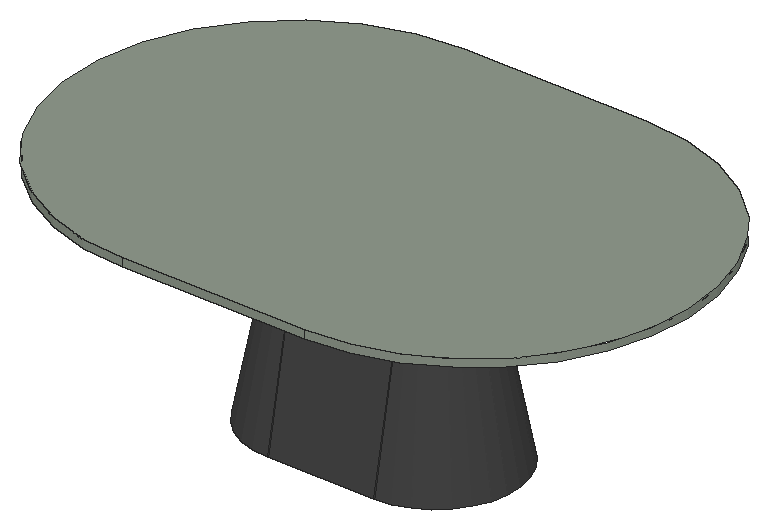
Revit family "DBLTD_TheSenatorGroup_OfficeTables_Sula", category Furniture, Revit 2022
Family settings
  OmniClass Number = 23.40.20.00
  OmniClass Title = General Furniture and Specialties
  Work Plane-Based = No
  Always vertical = Yes
  Cut with Voids When Loaded = No
  Render Appearance Source = Family Geometry
  Shared = Yes
  Room Calculation Point = No
Parameters (values of type "Pill 2000 x 1400")
  WorktopMaterial [instance] = DBLTD_TheSenatorGroup_Wood_SmokeGreen
  WorksurfaceArea = NominalWidth * NominalDepth  # 2.80 m²
  WarrantyStartDate [instance] = ""
  WarrantyGuarantorParts = "https://www.thesenatorgroup.com/"
  WarrantyGuarantorLabor = "https://www.thesenatorgroup.com/"
  WarrantyDurationUnit = "years"
  WarrantyDurationParts = "5"
  WarrantyDurationLabor = "5"
  WarrantyDescription = "The Senator Group warrants that its manufactured products are free from manufacturing defects - in materials or workmanship - for a period of five (5) years. Allermuir will repair - or replace (at Allermuir’s sole discretion) with comparable free of charge materials/ components, any product/ component which fails under normal use in a single shift environment - as a result of a defect in the materials and/or workmanship."
  Version = "1"
  Uniclass2015Version = "Products v1.15"
  Uniclass2015Title = "Office tables"
  Uniclass2015Code = "Pr_40_50_21_60"
  URL = "https://www.thesenatorgroup.com/"
  Type Comments = ModelReference  # "Pill 2000 x 1400 with Slim Base"
  TagNumber [instance] = ""
  SustainabilityPerformance = "n/a"
  Size = "740h x 2000w x 1400d mm"
  Shape = "Pill"
  SerialNumber [instance] = ""
  Revision = ""
  ReplacementCost = "n/a"
  ProductInformation = "https://www.allermuir.com/en-GB/families/sula"
  NumberOfChairs = 0  # constant formula
  NominalWidth = 2000 mm
  NominalHeight = 740 mm
  NominalDepth = 1400 mm
  Name = "Table"
  ModelReference = "Pill 2000 x 1400 with Slim Base"
  ModelNumber = "SUD2014PL"
  Model = ModelNumber  # "SUD2014PL"
  Material = Color  # "Base: Black | Ceramic Top: See Sula Finishes Page."
  ManufacturerURL = "https://www.allermuir.com/en-GB"
  ManufacturerName = "The Senator Group"
  Keynote = Category  # "Pr_40_50_21_60 Office tables"
  IsTriple = no
  IsSingle = no
  IsDouble = no
  Is90Degree = no
  InstallationDate [instance] = ""
  HasTopSquare = no
  HasTopRound = no
  HasTopPill = yes
  HasTopConf = no
  HasBaseSlim = no
  HasBasePill = no
  HasBaseLarge = no
  HasBase90Pill = yes
  Grade = "n/a"
  FrameMaterial [instance] = DBLTD_TheSenatorGroup_Metal_Black
  Finish = Color  # "Base: Black | Ceramic Top: See Sula Finishes Page."
  Features = ""
  ExpectedLife = "5"
  DurationUnit = "years"
  Cost = 0
  Constituents = "Base and Top"
  Color = "Base: Black | Ceramic Top: See Sula Finishes Page."
  CodePerformance = "n/a"
  Category = "Pr_40_50_21_60 Office tables"
  Manufacturer = ManufacturerName  # "The Senator Group"
  Description = ModelReference  # "Pill 2000 x 1400 with Slim Base"
  Default Elevation = 0 mm
  BarCode [instance] = ""
  Author = "Diane Butterworth Ltd"
  AssetType = "Movable"
  AssetIdentifier [instance] = ""
  Assembly Code = "E2020200"
  AccessibilityPerformance = "n/a"
Types (14, lengths in mm): name | WorksurfaceArea | Type Comments | Size | Shape | NominalWidth | NominalDepth | ModelReference | ModelNumber | Model | IsTriple | IsSingle | IsDouble | Is90Degree | HasTopSquare | HasTopRound | HasTopPill | HasTopConf | HasBaseSlim | HasBasePill | HasBaseLarge | HasBase90Pill | Description
  Sofa Square 750 x 750 | 0.5625 m² | "Sofa Square 750 x 750 with Slim Base" | "740h x 750w x 750d mm" | "Rectangle" | 750 | 750 | "Sofa Square 750 x 750 with Slim Base" | "SUD07SS" | "SUD07SS" | no | yes | no | no | yes | no | no | no | yes | no | no | no | "Sofa Square 750 x 750 with Slim Base"
  Round 800 dia | 0.64 m² | "Round 800 dia with Slim Base" | "740h x 800w x 800d mm" | "Round" | 800 | 800 | "Round 800 dia with Slim Base" | "SUD08RD" | "SUD08RD" | no | yes | no | no | no | yes | no | no | yes | no | no | no | "Round 800 dia with Slim Base"
  Round 1000 dia | 1.00 m² | "Round 1000 dia with Slim Base" | "740h x 100w x 100d mm" | "Round" | 1000 | 1000 | "Round 1000 dia with Slim Base" | "SUD10RD" | "SUD10RD" | no | yes | no | no | no | yes | no | no | yes | no | no | no | "Round 1000 dia with Slim Base"
  Round 1200 dia | 1.44 m² | "Round 1200 dia with Large Base" | "740h x 120w x 120d mm" | "Round" | 1200 | 1200 | "Round 1200 dia with Large Base" | "SUD12RD" | "SUD12RD" | no | yes | no | no | no | yes | no | no | no | no | yes | no | "Round 1200 dia with Large Base"
  Round 1400 dia | 1.96 m² | "Round 1400 dia with Large Base" | "740h x 140w x 140d mm" | "Round" | 1400 | 1400 | "Round 1400 dia with Large Base" | "SUD14RD" | "SUD14RD" | no | yes | no | no | no | yes | no | no | no | no | yes | no | "Round 1400 dia with Large Base"
  Pill 2000 x 1400 | 2.80 m² | "Pill 2000 x 1400 with Slim Base" | "740h x 2000w x 1400d mm" | "Pill" | 2000 | 1400 | "Pill 2000 x 1400 with Slim Base" | "SUD2014PL" | "SUD2014PL" | no | no | no | no | no | no | yes | no | no | no | no | yes | "Pill 2000 x 1400 with Slim Base"
  Pill 1800 x 800 | 1.44 m² | "Pill 1800 x 800 with Double Slim Base" | "740h x 1800w x 800d mm" | "Pill" | 1800 | 800 | "Pill 1800 x 800 with Double Slim Base" | "SUD1808PL" | "SUD1808PL" | no | no | yes | no | no | no | yes | no | yes | no | no | no | "Pill 1800 x 800 with Double Slim Base"
  Pill 2000 x 1000 | 2.00 m² | "Pill 2000 x 1000 with Double Slim Base" | "740h x 2000w x 1000d mm" | "Pill" | 2000 | 1000 | "Pill 2000 x 1000 with Double Slim Base" | "SUD2010PL" | "SUD2010PL" | no | no | yes | no | no | no | yes | no | yes | no | no | no | "Pill 2000 x 1000 with Double Slim Base"
  Pill 2400 x 1400 | 3.36 m² | "Pill 2400 x 1400 with Double Large Base" | "740h x 2400w x 1400d mm" | "Pill" | 2400 | 1400 | "Pill 2400 x 1400 with Double Large Base" | "SUD2414PL" | "SUD2414PL" | no | no | yes | no | no | no | yes | no | no | no | yes | no | "Pill 2400 x 1400 with Double Large Base"
  Pill 3000 x 1400 | 4.20 m² | "Pill 3000 x 1400 with Double Large Base" | "740h x 3000w x 1400d mm" | "Pill" | 3000 | 1400 | "Pill 3000 x 1400 with Double Large Base" | "SUD3014PL" | "SUD3014PL" | no | no | yes | no | no | no | yes | no | no | no | yes | no | "Pill 3000 x 1400 with Double Large Base"
  Pill 3600 x 1800 | 6.48 m² | "Pill 3600 x 1800 with Triple Pill Base" | "740h x 3600w x 1800d mm" | "Pill" | 3600 | 1800 | "Pill 3600 x 1800 with Triple Pill Base" | "SUD3618PL" | "SUD3618PL" | yes | yes | no | no | no | no | yes | no | no | yes | no | no | "Pill 3600 x 1800 with Triple Pill Base"
  Pill 4200 x 1800 | 7.56 m² | "Pill 4200 x 1800 with Triple Pill Base" | "740h x 4200w x 1800d mm" | "Pill" | 4200 | 1800 | "Pill 4200 x 1800 with Triple Pill Base" | "SUD4218PL" | "SUD4218PL" | yes | yes | no | no | no | no | yes | no | no | yes | no | no | "Pill 4200 x 1800 with Triple Pill Base"
  Conference 1800 x 1000 | 1.80 m² | "Conference 1800 x 1000 with Pill Base" | "740h x 1800w x 1000d mm" | "Conference" | 1800 | 1000 | "Conference 1800 x 1000 with Pill Base" | "SUD1810CO" | "SUD1810CO" | no | no | no | yes | no | no | no | yes | no | yes | no | no | "Conference 1800 x 1000 with Pill Base"
  Conference 1500 x 1800 | 2.70 m² | "Conference 1500 x 1800 with Pill Base" | "740h x 1500w x 1800d mm" | "Conference" | 1500 | 1800 | "Conference 1500 x 1800 with Pill Base" | "SUD1815CO" | "SUD1815CO" | no | yes | no | no | no | no | no | yes | no | yes | no | no | "Conference 1500 x 1800 with Pill Base"
Reference planes
  plane 1 "Center (Front/Back)": y = 0
  plane 2: z = 0
  plane 3 "Center (Left/Right)": x = 0
  plane 4: z = 740
  plane 5: z = 715
  plane 6: x = -1000
  plane 7: x = 1000
  plane 8: y = 700
  plane 9: y = -700
  plane 10: z = 117.039
Dimensions and locks
  "NominalHeight": plane 4 to level
  plane 4 to plane 5 = 25 mm
  equal spacing: plane 6, plane 3 "Center (Left/Right)", plane 7
  equal spacing: plane 8, plane 1 "Center (Front/Back)", plane 9
  "NominalWidth": plane 6 to plane 7
  "NominalDepth": plane 8 to plane 9
  aligned and locked: level to plane 2
  aligned and locked: plane 8 to nested 4
  aligned and locked: plane 3 "Center (Left/Right)" to nested 4
  aligned and locked: plane 3 "Center (Left/Right)" to nested 7
  aligned and locked: plane 1 "Center (Front/Back)" to nested 7
  aligned and locked: plane 3 "Center (Left/Right)" to nested 5
  aligned and locked: plane 1 "Center (Front/Back)" to nested 5
  aligned and locked: plane 3 "Center (Left/Right)" to nested 6
  aligned and locked: plane 1 "Center (Front/Back)" to nested 6
  aligned and locked: plane 1 "Center (Front/Back)" to nested 3
  aligned and locked: plane 3 "Center (Left/Right)" to nested 3
  aligned and locked: plane 1 "Center (Front/Back)" to nested 2
  aligned and locked: plane 3 "Center (Left/Right)" to nested 2
  aligned and locked: plane 3 "Center (Left/Right)" to nested 1
  aligned and locked: plane 1 "Center (Front/Back)" to nested 1
Nested families
  nested 1: "Nested_DBLTD_TheSenatorGroup_OfficeTables_Sula_Base_Large" at (0, 0, 0), BaseFinish <- "FrameMaterial", visible <- "HasBaseLarge", IsDouble <- "IsDouble", IsSingle <- "IsSingle", Width <- "NominalWidth", type "Nested_DBLTD_TheSenatorGroup_OfficeTables_Sula_Base_Large"
    with Width 2000 mm, LegGap 0 mm, IsSingle no, IsDouble no, FeetFinish DBLTD_TheSenatorGroup_Plastic_Black, BaseFinish DBLTD_TheSenatorGroup_Metal_Black
  nested 2: "Nested_DBLTD_TheSenatorGroup_OfficeTables_Sula_Base_Pill" at (0, 0, 0), BaseFinish <- "FrameMaterial", visible <- "HasBasePill", Width <- "NominalWidth", Is90Degrees <- "Is90Degree", IsSingle <- "IsSingle", IsTriple <- "IsTriple", type "Nested_DBLTD_TheSenatorGroup_OfficeTables_Sula_Base_Pill"
    with Width 2000 mm, LegGap 0 mm, IsTriple no, IsSingle no, Is90Degrees no, FeetFinish DBLTD_TheSenatorGroup_Plastic_Black, BaseFinish DBLTD_TheSenatorGroup_Metal_Black
  nested 3: "Nested_DBLTD_TheSenatorGroup_OfficeTables_Sula_Base_Slim" at (0, 0, 0), BaseFinish <- "FrameMaterial", visible <- "HasBaseSlim", IsDouble <- "IsDouble", IsSingle <- "IsSingle", type "Nested_DBLTD_TheSenatorGroup_OfficeTables_Sula_Base_Slim"
    with IsSingle no, IsDouble no, FeetFinish DBLTD_TheSenatorGroup_Plastic_Black, BaseFinish DBLTD_TheSenatorGroup_Metal_Black
  nested 4: "Nested_DBLTD_TheSenatorGroup_OfficeTables_Sula_Top_Conference" at (0, 0, 0), TopFinish <- "WorktopMaterial", Depth <- "NominalDepth", Width <- "NominalWidth", visible <- "HasTopConf", type "Nested_DBLTD_TheSenatorGroup_OfficeTables_Sula_Top_Conference"
    with Width 2000 mm, TopFinish DBLTD_TheSenatorGroup_Wood_SmokeGreen, Depth 1400 mm, 1800x1000 no, 1500x1800 no
  nested 5: "Nested_DBLTD_TheSenatorGroup_OfficeTables_Sula_Top_Pill" at (0, 0, 0), TopFinish <- "WorktopMaterial", visible <- "HasTopPill", Depth <- "NominalDepth", Width <- "NominalWidth", type "Nested_DBLTD_TheSenatorGroup_OfficeTables_Sula_Top_Pill"
    with Width 2000 mm, TopFinish DBLTD_TheSenatorGroup_Wood_SmokeGreen, Depth 1400 mm
  nested 6: "Nested_DBLTD_TheSenatorGroup_OfficeTables_Sula_Top_Round" at (0, 0, 0), TopFinish <- "WorktopMaterial", Depth <- "NominalDepth", Width <- "NominalWidth", visible <- "HasTopRound", type "Nested_DBLTD_TheSenatorGroup_OfficeTables_Sula_Top_Round"
    with Width 2000 mm, TopFinish DBLTD_TheSenatorGroup_Wood_SmokeGreen, Depth 1400 mm
  nested 7: "Nested_DBLTD_TheSenatorGroup_OfficeTables_Sula_Top_Square" at (0, 0, 0), visible <- "HasTopSquare", TopFinish <- "WorktopMaterial", type "Nested_DBLTD_TheSenatorGroup_OfficeTables_Sula_Top_Square"
    with TopFinish DBLTD_TheSenatorGroup_Wood_SmokeGreen
  nested 8: "Nested_DBLTD_TheSenatorGroup_OfficeTables_Sula_Base_Pill" at (-1.367, -1.367, 0) x (0, -1, 0) z (0, 0, 1), BaseFinish <- "FrameMaterial", Width <- "NominalWidth", visible <- "HasBase90Pill", type "Nested_DBLTD_TheSenatorGroup_OfficeTables_Sula_Base_Pill"
    with Width 2000 mm, LegGap 0 mm, IsTriple no, IsSingle yes, Is90Degrees no, FeetFinish DBLTD_TheSenatorGroup_Plastic_Black, BaseFinish DBLTD_TheSenatorGroup_Metal_Black
Definition of nested family "Nested_DBLTD_TheSenatorGroup_OfficeTables_Sula_Top_Pill"
  Parameters (values of type "Nested_DBLTD_TheSenatorGroup_OfficeTables_Sula_Top_Pill")
    Width [instance] = 1800 mm
    TopFinish [instance] = none
    Depth [instance] = 800 mm
    Default Elevation = 0 mm
  Reference planes
    plane 1 "Center (Front/Back)": y = 0
    plane 2: z = 0
    plane 3 "Center (Left/Right)": x = 0
    plane 4: z = 740
    plane 5: z = 715
    plane 6: y = 400
    plane 7: y = -400
    plane 8: x = -900
    plane 9: x = 900
  Forms (mm)
    Extrusion 1, solid, material <- "TopFinish"
      sketch origin (0, 0, 0) x (1, 0, 0) y (0, 1, 0)
        loop
          arc (-500, 400) -> (-900, 0) -> (-500, -400) r 400
          line (-500, -400) -> (500, -400)
          arc (500, -400) -> (900, 0) -> (500, 400) r 400
          line (500, 400) -> (-500, 400)
      from 715 to 740
  Dimensions and locks
    equal spacing: plane 6, plane 1 "Center (Front/Back)", plane 7
    equal spacing: plane 8, plane 3 "Center (Left/Right)", plane 9
    "Width": plane 8 to plane 9
    "Depth": plane 6 to plane 7
    locked: plane 8 to Extrusion 1 sketch curve
    locked: Extrusion 1 sketch curve to plane 9
    aligned and locked: level to plane 2
    aligned and locked: Extrusion 1 sketch curve to plane 6
    aligned and locked: Extrusion 1 sketch curve to plane 7
Definition of nested family "Nested_DBLTD_TheSenatorGroup_OfficeTables_Sula_Top_Round"
  Parameters (values of type "Nested_DBLTD_TheSenatorGroup_OfficeTables_Sula_Top_Round")
    Width [instance] = 800 mm
    TopFinish [instance] = none
    Depth [instance] = 800 mm
    Default Elevation = 0 mm
  Reference planes
    plane 1 "Center (Front/Back)": y = 0
    plane 2: z = 0
    plane 3 "Center (Left/Right)": x = 0
    plane 4: z = 740
    plane 5: z = 715
    plane 6: y = 400
    plane 7: y = -400
    plane 8: x = -400
    plane 9: x = 400
  Forms (mm)
    Extrusion 1, solid, material <- "TopFinish"
      sketch origin (0, 0, 0) x (1, 0, 0) y (0, 1, 0)
        loop
          circle (0, 0) r 400
      from 715 to 740
  Dimensions and locks
    equal spacing: plane 6, plane 1 "Center (Front/Back)", plane 7
    equal spacing: plane 8, plane 3 "Center (Left/Right)", plane 9
    "Width": plane 8 to plane 9
    "Depth": plane 6 to plane 7
    "Width": diameter of Extrusion 1 sketch curve
    aligned and locked: level to plane 2
  Automatic sketch dimensions
    plane 1 "Center (Front/Back)" to Extrusion 1 sketch curve = 0 mm
    Extrusion 1 sketch curve to plane 3 "Center (Left/Right)" = 0 mm
Definition of nested family "Nested_DBLTD_TheSenatorGroup_OfficeTables_Sula_Top_Square"
  Parameters (values of type "Nested_DBLTD_TheSenatorGroup_OfficeTables_Sula_Top_Square")
    TopFinish [instance] = none
    Default Elevation = 0 mm
  Reference planes
    plane 1 "Center (Front/Back)": y = 0
    plane 2: z = 0
    plane 3 "Center (Left/Right)": x = 0
    plane 4: z = 740
    plane 5: z = 715
    plane 6: y = 375
    plane 7: y = -375
    plane 8: x = -375
    plane 9: x = 375
  Forms (mm)
    Extrusion 1, solid, material <- "TopFinish"
      sketch origin (0, 0, 0) x (1, 0, 0) y (0, 1, 0)
        loop
          arc (-254.789, 357.968) -> (-323.863, 323.863) -> (-357.968, 254.789) r 120
          arc (-357.968, 254.789) -> (-375, 0.298) -> (-358.874, -254.252) r 1962.029
          arc (-358.874, -254.252) -> (-324.884, -323.579) -> (-255.695, -357.848) r 120
          arc (-255.695, -357.848) -> (-0.297, -375) -> (255.161, -358.757) r 1962.029
          arc (255.161, -358.757) -> (324.603, -324.603) -> (358.757, -255.161) r 120
          arc (358.757, -255.161) -> (375, 0.297) -> (357.848, 255.695) r 1962.029
          arc (357.848, 255.695) -> (323.579, 324.884) -> (254.252, 358.874) r 120
          arc (254.252, 358.874) -> (-0.298, 375) -> (-254.789, 357.968) r 1962.029
      from 715 to 740
  Dimensions and locks
    aligned and locked: level to plane 2
Definition of nested family "Nested_DBLTD_TheSenatorGroup_OfficeTables_Sula_Base_Pill"
  Parameters (values of type "Nested_DBLTD_TheSenatorGroup_OfficeTables_Sula_Base_Pill")
    Width [instance] = 4200 mm
    LegGap [instance] = if(Width = 4200 mm, 1450 mm, if(Width = 3600 mm, 1150 mm, 0 mm))  # 1450 mm
    IsTriple [instance] = yes
    IsSingle [instance] = yes
    Is90Degrees [instance] = yes
    FeetFinish [instance] = none
    Default Elevation = 0 mm
    BaseFinish [instance] = none
  Reference planes
    plane 1 "Center (Front/Back)": y = 0
    plane 2: z = 0
    plane 3 "Center (Left/Right)": x = 0
    plane 4: z = 740
    plane 5: z = 715
  Forms (mm)
    Extrusion 1, solid, material <- "FeetFinish", visible <- "Is90Degrees"
      sketch origin (0, 100, 0) x (1, 0, 0) y (0, 1, 0)
        loop
          circle (-125.069, 210.982) r 15
        loop
          circle (-340.519, 150.697) r 15
        loop
          circle (-125.069, -210.982) r 15
        loop
          circle (-340.519, -150.697) r 15
        loop
          circle (125.069, 210.982) r 15
        loop
          circle (340.519, 150.697) r 15
        loop
          circle (125.069, -210.982) r 15
        loop
          circle (340.519, -150.697) r 15
      from 0 to 4
    Extrusion 2, solid, material <- "BaseFinish", visible <- "Is90Degrees"
      sketch origin (-174.238, 100, 97) x (0, 0, -1) y (0, 1, 0)
        loop
          line (-603, 250) -> (-603, -250) -> (-580.368, -250)
          arc (-580.368, -250) -> (-572.637, -248.644) -> (-565.828, -244.739) r 22.724
          line (-565.828, -244.739) -> (-528.287, -213.481)
          arc (-528.287, -213.481) -> (-445.974, -171.418) -> (-353.573, -168.775) r 210
          line (-353.573, -168.775) -> (93, -256.192) -> (93, 256.192) -> (-353.573, 168.775)
          arc (-353.573, 168.775) -> (-445.974, 171.418) -> (-528.287, 213.481) r 210
          line (-528.287, 213.481) -> (-565.828, 244.739)
          arc (-565.828, 244.739) -> (-572.637, 248.644) -> (-580.368, 250) r 22.724
          line (-580.368, 250) -> (-603, 250)
      from 0 to 348.477
    Extrusion 3, solid, material <- "FeetFinish", visible <- "IsSingle"
      sketch origin (0, 0, 0) x (0, 1, 0) y (-1, 0, 0)
        loop
          circle (-125.069, 210.982) r 15
        loop
          circle (-340.519, 150.697) r 15
        loop
          circle (-125.069, -210.982) r 15
        loop
          circle (-340.519, -150.697) r 15
        loop
          circle (125.069, 210.982) r 15
        loop
          circle (340.519, 150.697) r 15
        loop
          circle (125.069, -210.982) r 15
        loop
          circle (340.519, -150.697) r 15
      from 0 to 4
    Revolve 4, solid, material <- "BaseFinish", visible <- "IsSingle"
      sketch origin (0, 174.238, 0) x (0, 1, 0) y (0, 0, 1)
        loop
          line (0, 700) -> (0, 4) -> (256.192, 4) -> (168.775, 450.573)
          arc (168.775, 450.573) -> (171.418, 542.974) -> (213.481, 625.287) r 210
          line (213.481, 625.287) -> (244.739, 662.828)
          arc (244.739, 662.828) -> (248.644, 669.637) -> (250, 677.368) r 22.724
          line (250, 677.368) -> (250, 700) -> (0, 700)
        axis (0, 4) -> (0, 700)
      angle from 90 to -90
    Extrusion 5, solid, material <- "BaseFinish", visible <- "IsSingle"
      sketch origin (0, -174.238, 97) x (0, 0, -1) y (-1, 0, 0)
        loop
          line (-603, 250) -> (-603, -250) -> (-580.368, -250)
          arc (-580.368, -250) -> (-572.637, -248.644) -> (-565.828, -244.739) r 22.724
          line (-565.828, -244.739) -> (-528.287, -213.481)
          arc (-528.287, -213.481) -> (-445.974, -171.418) -> (-353.573, -168.775) r 210
          line (-353.573, -168.775) -> (93, -256.192) -> (93, 256.192) -> (-353.573, 168.775)
          arc (-353.573, 168.775) -> (-445.974, 171.418) -> (-528.287, 213.481) r 210
          line (-528.287, 213.481) -> (-565.828, 244.739)
          arc (-565.828, 244.739) -> (-572.637, 248.644) -> (-580.368, 250) r 22.724
          line (-580.368, 250) -> (-603, 250)
      from 0 to 348.477
    Revolve 6, solid, material <- "BaseFinish", visible <- "IsSingle"
      sketch origin (0, -174.238, 0) x (0, -1, 0) y (0, 0, -1)
        loop
          line (0, -700) -> (250, -700) -> (250, -677.368)
          arc (250, -677.368) -> (248.644, -669.637) -> (244.739, -662.828) r 22.724
          line (244.739, -662.828) -> (213.481, -625.287)
          arc (213.481, -625.287) -> (171.418, -542.974) -> (168.775, -450.573) r 210
          line (168.775, -450.573) -> (256.192, -4) -> (0, -4) -> (0, -700)
        axis (0, -4) -> (0, -700)
      angle from 90 to -90
    Revolve 7, solid, material <- "BaseFinish", visible <- "Is90Degrees"
      sketch origin (174.238, 100, 0) x (1, 0, 0) y (0, 0, 1)
        loop
          line (0, 700) -> (0, 4) -> (256.192, 4) -> (168.775, 450.573)
          arc (168.775, 450.573) -> (171.418, 542.974) -> (213.481, 625.287) r 210
          line (213.481, 625.287) -> (244.739, 662.828)
          arc (244.739, 662.828) -> (248.644, 669.637) -> (250, 677.368) r 22.724
          line (250, 677.368) -> (250, 700) -> (0, 700)
        axis (0, 4) -> (0, 700)
      angle from 90 to -90
    Revolve 8, solid, material <- "BaseFinish", visible <- "Is90Degrees"
      sketch origin (-174.238, 100, 0) x (-1, 0, 0) y (0, 0, -1)
        loop
          line (0, -700) -> (250, -700) -> (250, -677.368)
          arc (250, -677.368) -> (248.644, -669.637) -> (244.739, -662.828) r 22.724
          line (244.739, -662.828) -> (213.481, -625.287)
          arc (213.481, -625.287) -> (171.418, -542.974) -> (168.775, -450.573) r 210
          line (168.775, -450.573) -> (256.192, -4) -> (0, -4) -> (0, -700)
        axis (0, -4) -> (0, -700)
      angle from 90 to -90
    Extrusion 9, solid, material <- "FeetFinish", visible <- "Is90Degrees"
      sketch origin (0, 0, 0) x (1, 0, 0) y (0, 1, 0)
        loop
          line (174.238, 450) -> (-174.238, 450)
          arc (-174.238, 450) -> (-524.238, 100) -> (-174.238, -250) r 350
          line (-174.238, -250) -> (174.238, -250)
          arc (174.238, -250) -> (524.238, 100) -> (174.238, 450) r 350
      from 700 to 715
    Extrusion 10, solid, material <- "FeetFinish", visible <- "IsSingle"
      sketch origin (-100, 0, 0) x (0, -1, 0) y (1, 0, 0)
        loop
          line (174.238, 447.266) -> (-174.238, 447.266)
          arc (-174.238, 447.266) -> (-522.872, 98.633) -> (-174.238, -250) r 348.633
          line (-174.238, -250) -> (174.238, -250)
          arc (174.238, -250) -> (522.872, 98.633) -> (174.238, 447.266) r 348.633
      from 700 to 715
    Extrusion 11, solid, material <- "FeetFinish", visible <- "IsTriple"
      sketch origin (1200, 0, 0) x (0, 1, 0) y (-1, 0, 0)
        loop
          circle (-125.069, 210.982) r 15
        loop
          circle (-340.519, 150.697) r 15
        loop
          circle (-125.069, -210.982) r 15
        loop
          circle (-340.519, -150.697) r 15
        loop
          circle (125.069, 210.982) r 15
        loop
          circle (340.519, 150.697) r 15
        loop
          circle (125.069, -210.982) r 15
        loop
          circle (340.519, -150.697) r 15
      from 0 to 4
    Revolve 12, solid, material <- "BaseFinish", visible <- "IsTriple"
      sketch origin (1200, 174.238, 0) x (0, 1, 0) y (0, 0, 1)
        loop
          line (0, 700) -> (0, 4) -> (256.192, 4) -> (168.775, 450.573)
          arc (168.775, 450.573) -> (171.418, 542.974) -> (213.481, 625.287) r 210
          line (213.481, 625.287) -> (244.739, 662.828)
          arc (244.739, 662.828) -> (248.644, 669.637) -> (250, 677.368) r 22.724
          line (250, 677.368) -> (250, 700) -> (0, 700)
        axis (0, 4) -> (0, 700)
      angle from 90 to -90
    Extrusion 13, solid, material <- "BaseFinish", visible <- "IsTriple"
      sketch origin (1200, -174.238, 97) x (0, 0, -1) y (-1, 0, 0)
        loop
          line (-603, 250) -> (-603, -250) -> (-580.368, -250)
          arc (-580.368, -250) -> (-572.637, -248.644) -> (-565.828, -244.739) r 22.724
          line (-565.828, -244.739) -> (-528.287, -213.481)
          arc (-528.287, -213.481) -> (-445.974, -171.418) -> (-353.573, -168.775) r 210
          line (-353.573, -168.775) -> (93, -256.192) -> (93, 256.192) -> (-353.573, 168.775)
          arc (-353.573, 168.775) -> (-445.974, 171.418) -> (-528.287, 213.481) r 210
          line (-528.287, 213.481) -> (-565.828, 244.739)
          arc (-565.828, 244.739) -> (-572.637, 248.644) -> (-580.368, 250) r 22.724
          line (-580.368, 250) -> (-603, 250)
      from 0 to 348.477
    Revolve 14, solid, material <- "BaseFinish", visible <- "IsTriple"
      sketch origin (1200, -174.238, 0) x (0, -1, 0) y (0, 0, -1)
        loop
          line (0, -700) -> (250, -700) -> (250, -677.368)
          arc (250, -677.368) -> (248.644, -669.637) -> (244.739, -662.828) r 22.724
          line (244.739, -662.828) -> (213.481, -625.287)
          arc (213.481, -625.287) -> (171.418, -542.974) -> (168.775, -450.573) r 210
          line (168.775, -450.573) -> (256.192, -4) -> (0, -4) -> (0, -700)
        axis (0, -4) -> (0, -700)
      angle from 90 to -90
    Extrusion 15, solid, material <- "FeetFinish", visible <- "IsTriple"
      sketch origin (1100, 0, 0) x (0, -1, 0) y (1, 0, 0)
        loop
          line (174.238, 447.266) -> (-174.238, 447.266)
          arc (-174.238, 447.266) -> (-522.872, 98.633) -> (-174.238, -250) r 348.633
          line (-174.238, -250) -> (174.238, -250)
          arc (174.238, -250) -> (522.872, 98.633) -> (174.238, 447.266) r 348.633
      from 700 to 715
    Extrusion 16, solid, material <- "FeetFinish", visible <- "IsTriple", not visible
      sketch origin (2300, 0, 0) x (0, 1, 0) y (-1, 0, 0)
        loop
          circle (-125.069, 210.982) r 15
        loop
          circle (-340.519, 150.697) r 15
        loop
          circle (-125.069, -210.982) r 15
        loop
          circle (-340.519, -150.697) r 15
        loop
          circle (125.069, 210.982) r 15
        loop
          circle (340.519, 150.697) r 15
        loop
          circle (125.069, -210.982) r 15
        loop
          circle (340.519, -150.697) r 15
      from 0 to 4
    Revolve 17, solid, material <- "BaseFinish", visible <- "IsTriple", not visible
      sketch origin (2300, 174.238, 0) x (0, 1, 0) y (0, 0, 1)
        loop
          line (0, 700) -> (0, 4) -> (256.192, 4) -> (168.775, 450.573)
          arc (168.775, 450.573) -> (171.418, 542.974) -> (213.481, 625.287) r 210
          line (213.481, 625.287) -> (244.739, 662.828)
          arc (244.739, 662.828) -> (248.644, 669.637) -> (250, 677.368) r 22.724
          line (250, 677.368) -> (250, 700) -> (0, 700)
        axis (0, 4) -> (0, 700)
      angle from 90 to -90
    Extrusion 18, solid, material <- "BaseFinish", visible <- "IsTriple", not visible
      sketch origin (2300, -174.238, 97) x (0, 0, -1) y (-1, 0, 0)
        loop
          line (-603, 250) -> (-603, -250) -> (-580.368, -250)
          arc (-580.368, -250) -> (-572.637, -248.644) -> (-565.828, -244.739) r 22.724
          line (-565.828, -244.739) -> (-528.287, -213.481)
          arc (-528.287, -213.481) -> (-445.974, -171.418) -> (-353.573, -168.775) r 210
          line (-353.573, -168.775) -> (93, -256.192) -> (93, 256.192) -> (-353.573, 168.775)
          arc (-353.573, 168.775) -> (-445.974, 171.418) -> (-528.287, 213.481) r 210
          line (-528.287, 213.481) -> (-565.828, 244.739)
          arc (-565.828, 244.739) -> (-572.637, 248.644) -> (-580.368, 250) r 22.724
          line (-580.368, 250) -> (-603, 250)
      from 0 to 348.477
    Revolve 19, solid, material <- "BaseFinish", visible <- "IsTriple", not visible
      sketch origin (2300, -174.238, 0) x (0, -1, 0) y (0, 0, -1)
        loop
          line (0, -700) -> (250, -700) -> (250, -677.368)
          arc (250, -677.368) -> (248.644, -669.637) -> (244.739, -662.828) r 22.724
          line (244.739, -662.828) -> (213.481, -625.287)
          arc (213.481, -625.287) -> (171.418, -542.974) -> (168.775, -450.573) r 210
          line (168.775, -450.573) -> (256.192, -4) -> (0, -4) -> (0, -700)
        axis (0, -4) -> (0, -700)
      angle from 90 to -90
    Extrusion 20, solid, material <- "FeetFinish", visible <- "IsTriple", not visible
      sketch origin (2200, 0, 0) x (0, -1, 0) y (1, 0, 0)
        loop
          line (174.238, 447.266) -> (-174.238, 447.266)
          arc (-174.238, 447.266) -> (-522.872, 98.633) -> (-174.238, -250) r 348.633
          line (-174.238, -250) -> (174.238, -250)
          arc (174.238, -250) -> (522.872, 98.633) -> (174.238, 447.266) r 348.633
      from 700 to 715
    Extrusion 21, solid, material <- "FeetFinish", visible <- "IsTriple"
      sketch origin (-1200, 0, 0) x (0, 1, 0) y (-1, 0, 0)
        loop
          circle (-125.069, 210.982) r 15
        loop
          circle (-340.519, 150.697) r 15
        loop
          circle (-125.069, -210.982) r 15
        loop
          circle (-340.519, -150.697) r 15
        loop
          circle (125.069, 210.982) r 15
        loop
          circle (340.519, 150.697) r 15
        loop
          circle (125.069, -210.982) r 15
        loop
          circle (340.519, -150.697) r 15
      from 0 to 4
    Revolve 22, solid, material <- "BaseFinish", visible <- "IsTriple"
      sketch origin (-1200, 174.238, 0) x (0, 1, 0) y (0, 0, 1)
        loop
          line (0, 700) -> (0, 4) -> (256.192, 4) -> (168.775, 450.573)
          arc (168.775, 450.573) -> (171.418, 542.974) -> (213.481, 625.287) r 210
          line (213.481, 625.287) -> (244.739, 662.828)
          arc (244.739, 662.828) -> (248.644, 669.637) -> (250, 677.368) r 22.724
          line (250, 677.368) -> (250, 700) -> (0, 700)
        axis (0, 4) -> (0, 700)
      angle from 90 to -90
    Extrusion 23, solid, material <- "BaseFinish", visible <- "IsTriple"
      sketch origin (-1200, -174.238, 97) x (0, 0, -1) y (-1, 0, 0)
        loop
          line (-603, 250) -> (-603, -250) -> (-580.368, -250)
          arc (-580.368, -250) -> (-572.637, -248.644) -> (-565.828, -244.739) r 22.724
          line (-565.828, -244.739) -> (-528.287, -213.481)
          arc (-528.287, -213.481) -> (-445.974, -171.418) -> (-353.573, -168.775) r 210
          line (-353.573, -168.775) -> (93, -256.192) -> (93, 256.192) -> (-353.573, 168.775)
          arc (-353.573, 168.775) -> (-445.974, 171.418) -> (-528.287, 213.481) r 210
          line (-528.287, 213.481) -> (-565.828, 244.739)
          arc (-565.828, 244.739) -> (-572.637, 248.644) -> (-580.368, 250) r 22.724
          line (-580.368, 250) -> (-603, 250)
      from 0 to 348.477
    Revolve 24, solid, material <- "BaseFinish", visible <- "IsTriple"
      sketch origin (-1200, -174.238, 0) x (0, -1, 0) y (0, 0, -1)
        loop
          line (0, -700) -> (250, -700) -> (250, -677.368)
          arc (250, -677.368) -> (248.644, -669.637) -> (244.739, -662.828) r 22.724
          line (244.739, -662.828) -> (213.481, -625.287)
          arc (213.481, -625.287) -> (171.418, -542.974) -> (168.775, -450.573) r 210
          line (168.775, -450.573) -> (256.192, -4) -> (0, -4) -> (0, -700)
        axis (0, -4) -> (0, -700)
      angle from 90 to -90
    Extrusion 25, solid, material <- "FeetFinish", visible <- "IsTriple"
      sketch origin (-1300, 0, 0) x (0, -1, 0) y (1, 0, 0)
        loop
          line (174.238, 447.266) -> (-174.238, 447.266)
          arc (-174.238, 447.266) -> (-522.872, 98.633) -> (-174.238, -250) r 348.633
          line (-174.238, -250) -> (174.238, -250)
          arc (174.238, -250) -> (522.872, 98.633) -> (174.238, 447.266) r 348.633
      from 700 to 715
  Dimensions and locks
    "LegGap": plane 3 "Center (Left/Right)" to Extrusion 13
    "LegGap": Extrusion 23 to plane 3 "Center (Left/Right)"
    aligned and locked: level to plane 2
  Automatic sketch dimensions
    Extrusion 1 sketch curve to plane 3 "Center (Left/Right)" = 340.519 mm
    plane 1 "Center (Front/Back)" to Extrusion 1 sketch curve = 50.697 mm  (x2)
    Extrusion 1 sketch curve to Extrusion 1 sketch curve = 0 mm
    Extrusion 1 sketch curve to plane 3 "Center (Left/Right)" = 125.069 mm  (x2)
    plane 3 "Center (Left/Right)" to Extrusion 1 sketch curve = 125.069 mm  (x2)
    Extrusion 1 sketch curve to Extrusion 1 sketch curve = 215.45 mm  (x2)
    plane 1 "Center (Front/Back)" to Extrusion 1 sketch curve = 110.982 mm  (x2)
    Extrusion 1 sketch curve to plane 1 "Center (Front/Back)" = 250.697 mm  (x2)
    Extrusion 1 sketch curve to Extrusion 1 sketch curve = 60.285 mm  (x2)
    Extrusion 2 sketch curve to plane 5 = 15 mm
    Extrusion 2 sketch curve to Extrusion 2 sketch curve = 22.632 mm  (x2)
    Extrusion 2 sketch curve to Extrusion 2 sketch curve = 14.54 mm  (x2)
    Extrusion 2 sketch curve to Extrusion 2 sketch curve = 37.541 mm  (x2)
    Extrusion 2 sketch curve to Extrusion 2 sketch curve = 134.372 mm  (x2)
    Extrusion 2 sketch curve to Extrusion 2 sketch curve = 174.715 mm  (x2)
    plane 1 "Center (Front/Back)" to Extrusion 2 sketch curve = 68.774 mm
    level to Extrusion 2 sketch curve = 4 mm
    plane 1 "Center (Front/Back)" to Extrusion 2 sketch curve = 113.481 mm
    Extrusion 2 sketch curve to Extrusion 2 sketch curve = 13.795 mm  (x2)
    Extrusion 2 sketch curve to Extrusion 2 sketch curve = 17.463 mm  (x2)
    plane 1 "Center (Front/Back)" to Extrusion 2 sketch curve = 156.192 mm
    Extrusion 2 sketch curve to plane 1 "Center (Front/Back)" = 268.775 mm
    Extrusion 2 sketch curve to Extrusion 2 sketch curve = 44.707 mm
    Extrusion 2 sketch curve to plane 1 "Center (Front/Back)" = 356.193 mm
    Extrusion 3 sketch curve to plane 3 "Center (Left/Right)" = 150.697 mm  (x2)
    plane 1 "Center (Front/Back)" to Extrusion 3 sketch curve = 340.519 mm
    plane 3 "Center (Left/Right)" to Extrusion 3 sketch curve = 150.697 mm  (x2)
    Extrusion 3 sketch curve to Extrusion 3 sketch curve = 0 mm
    plane 1 "Center (Front/Back)" to Extrusion 3 sketch curve = 125.069 mm  (x2)
    Extrusion 3 sketch curve to plane 1 "Center (Front/Back)" = 125.069 mm  (x2)
    Extrusion 3 sketch curve to Extrusion 3 sketch curve = 215.45 mm  (x2)
    plane 3 "Center (Left/Right)" to Extrusion 3 sketch curve = 210.982 mm  (x2)
    Extrusion 3 sketch curve to plane 3 "Center (Left/Right)" = 210.982 mm  (x2)
    Revolve 4 sketch curve to plane 5 = 15 mm
    Revolve 4 sketch curve to plane 1 "Center (Front/Back)" = 174.238 mm  (x2)
    Revolve 4 sketch curve to Revolve 4 sketch curve = 168.775 mm
    Revolve 4 sketch curve to plane 5 = 89.713 mm
    Revolve 4 sketch curve to Revolve 4 sketch curve = 44.707 mm
    Revolve 4 sketch curve to Revolve 4 sketch curve = 13.795 mm
    Revolve 4 sketch curve to plane 5 = 52.172 mm
    Revolve 4 sketch curve to Revolve 4 sketch curve = 17.463 mm
    Revolve 4 sketch curve to Revolve 4 sketch curve = 5.261 mm
    level to Revolve 4 sketch curve = 4 mm
    Revolve 4 sketch curve to Revolve 4 sketch curve = 256.192 mm
    Revolve 4 sketch curve to Revolve 4 sketch curve = 161.382 mm
    Revolve 4 sketch curve to Revolve 4 sketch curve = 174.715 mm
    Revolve 4 sketch curve to Revolve 4 sketch curve = 93 mm
    Revolve 4 sketch curve to Revolve 4 sketch curve = 85 mm
    Extrusion 5 sketch curve to plane 5 = 15 mm
    Extrusion 5 sketch curve to Extrusion 5 sketch curve = 22.632 mm  (x2)
    Extrusion 5 sketch curve to Extrusion 5 sketch curve = 14.54 mm  (x2)
    Extrusion 5 sketch curve to Extrusion 5 sketch curve = 37.541 mm  (x2)
    Extrusion 5 sketch curve to Extrusion 5 sketch curve = 134.372 mm  (x2)
    Extrusion 5 sketch curve to Extrusion 5 sketch curve = 174.715 mm  (x2)
    level to Extrusion 5 sketch curve = 4 mm
    plane 3 "Center (Left/Right)" to Extrusion 5 sketch curve = 374.863 mm
    plane 3 "Center (Left/Right)" to Extrusion 5 sketch curve = 256.192 mm
    Extrusion 5 sketch curve to Extrusion 5 sketch curve = 124.863 mm
    Extrusion 5 sketch curve to Extrusion 5 sketch curve = 5.261 mm
    Extrusion 5 sketch curve to Extrusion 5 sketch curve = 31.258 mm
    Extrusion 5 sketch curve to plane 3 "Center (Left/Right)" = 168.775 mm
    Extrusion 5 sketch curve to Extrusion 5 sketch curve = 44.707 mm
    Extrusion 5 sketch curve to Extrusion 5 sketch curve = 13.795 mm
    Extrusion 5 sketch curve to Extrusion 5 sketch curve = 17.463 mm
    Extrusion 5 sketch curve to plane 3 "Center (Left/Right)" = 256.192 mm
    Revolve 6 sketch curve to plane 5 = 15 mm
    plane 1 "Center (Front/Back)" to Revolve 6 sketch curve = 174.238 mm  (x2)
    Revolve 6 sketch curve to Revolve 6 sketch curve = 168.775 mm
    Revolve 6 sketch curve to plane 5 = 89.713 mm
    Revolve 6 sketch curve to Revolve 6 sketch curve = 44.707 mm
    Revolve 6 sketch curve to Revolve 6 sketch curve = 13.795 mm
    Revolve 6 sketch curve to plane 5 = 52.172 mm
    Revolve 6 sketch curve to Revolve 6 sketch curve = 17.463 mm
    Revolve 6 sketch curve to Revolve 6 sketch curve = 5.261 mm
    level to Revolve 6 sketch curve = 4 mm
    Revolve 6 sketch curve to Revolve 6 sketch curve = 256.192 mm
    Revolve 6 sketch curve to Revolve 6 sketch curve = 161.382 mm
    Revolve 6 sketch curve to Revolve 6 sketch curve = 134.372 mm
    Revolve 6 sketch curve to Revolve 6 sketch curve = 178 mm
    Revolve 6 sketch curve to Revolve 6 sketch curve = 85 mm
    Revolve 7 sketch curve to plane 5 = 15 mm
    plane 3 "Center (Left/Right)" to Revolve 7 sketch curve = 174.238 mm  (x2)
    Revolve 7 sketch curve to Revolve 7 sketch curve = 168.775 mm
    Revolve 7 sketch curve to plane 5 = 89.713 mm
    Revolve 7 sketch curve to Revolve 7 sketch curve = 44.707 mm
    Revolve 7 sketch curve to Revolve 7 sketch curve = 13.795 mm
    Revolve 7 sketch curve to plane 5 = 52.172 mm
    Revolve 7 sketch curve to Revolve 7 sketch curve = 17.463 mm
    Revolve 7 sketch curve to Revolve 7 sketch curve = 5.261 mm
    level to Revolve 7 sketch curve = 4 mm
    Revolve 7 sketch curve to Revolve 7 sketch curve = 256.192 mm
    Revolve 7 sketch curve to Revolve 7 sketch curve = 161.382 mm
    Revolve 7 sketch curve to Revolve 7 sketch curve = 174.715 mm
    Revolve 7 sketch curve to Revolve 7 sketch curve = 93 mm
    Revolve 7 sketch curve to Revolve 7 sketch curve = 85 mm
    Revolve 8 sketch curve to plane 5 = 15 mm
    Revolve 8 sketch curve to plane 3 "Center (Left/Right)" = 174.238 mm  (x2)
    Revolve 8 sketch curve to Revolve 8 sketch curve = 168.775 mm
    Revolve 8 sketch curve to plane 5 = 89.713 mm
    Revolve 8 sketch curve to Revolve 8 sketch curve = 44.707 mm
    Revolve 8 sketch curve to Revolve 8 sketch curve = 13.795 mm
    Revolve 8 sketch curve to plane 5 = 52.172 mm
    Revolve 8 sketch curve to Revolve 8 sketch curve = 17.463 mm
    Revolve 8 sketch curve to Revolve 8 sketch curve = 5.261 mm
    level to Revolve 8 sketch curve = 4 mm
    Revolve 8 sketch curve to Revolve 8 sketch curve = 256.192 mm
    Revolve 8 sketch curve to Revolve 8 sketch curve = 161.382 mm
    Revolve 8 sketch curve to Revolve 8 sketch curve = 134.372 mm
    Revolve 8 sketch curve to Revolve 8 sketch curve = 178 mm
    Revolve 8 sketch curve to Revolve 8 sketch curve = 85 mm
    Extrusion 9 sketch curve to plane 1 "Center (Front/Back)" = 100 mm
    Extrusion 9 sketch curve to plane 3 "Center (Left/Right)" = 174.238 mm
    plane 3 "Center (Left/Right)" to Extrusion 9 sketch curve = 174.238 mm
    plane 1 "Center (Front/Back)" to Extrusion 9 sketch curve = 250 mm
    Extrusion 10 sketch curve to plane 3 "Center (Left/Right)" = 1.367 mm
    Extrusion 10 sketch curve to plane 1 "Center (Front/Back)" = 174.238 mm
    plane 1 "Center (Front/Back)" to Extrusion 10 sketch curve = 174.238 mm
    Extrusion 10 sketch curve to Extrusion 10 sketch curve = 348.633 mm
    radius of Extrusion 1 sketch curve = 15 mm  (x8)
    radius of Extrusion 3 sketch curve = 15 mm  (x8)
Definition of nested family "Nested_DBLTD_TheSenatorGroup_OfficeTables_Sula_Base_Large"
  Parameters (values of type "Nested_DBLTD_TheSenatorGroup_OfficeTables_Sula_Base_Large")
    Width [instance] = 3000 mm
    LegGap [instance] = if(Width = 3000 mm, 1150 mm, if(Width = 2400 mm, 850 mm, 0 mm))  # 1150 mm
    IsSingle [instance] = yes
    IsDouble [instance] = yes
    FeetFinish [instance] = none
    Default Elevation = 0 mm
    BaseFinish [instance] = none
  Reference planes
    plane 1 "Center (Front/Back)": y = 0
    plane 2: z = 0
    plane 3 "Center (Left/Right)": x = 0
    plane 4: z = 740
    plane 5: z = 715
  Forms (mm)
    Revolve 1, solid, material <- "BaseFinish", visible <- "IsSingle"
      sketch origin (0, 0, 0) x (1, 0, 0) y (0, 0, 1)
        loop
          line (0, 700) -> (0, 4) -> (256.192, 4) -> (168.775, 450.573)
          arc (168.775, 450.573) -> (171.418, 542.974) -> (213.481, 625.287) r 210
          line (213.481, 625.287) -> (244.739, 662.828)
          arc (244.739, 662.828) -> (248.644, 669.637) -> (250, 677.368) r 22.724
          line (250, 677.368) -> (250, 700) -> (0, 700)
        axis (0, 4) -> (0, 700)
      angle from 0 to 360
    Extrusion 2, solid, material <- "FeetFinish", visible <- "IsSingle"
      sketch origin (0, 0, 0) x (1, 0, 0) y (0, 1, 0)
        loop
          circle (-82.412, 198.325) r 15
        loop
          circle (-198.325, 82.412) r 15
        loop
          circle (82.412, 198.325) r 15
        loop
          circle (198.325, 82.412) r 15
        loop
          circle (-82.412, -198.325) r 15
        loop
          circle (-198.325, -82.412) r 15
        loop
          circle (82.412, -198.325) r 15
        loop
          circle (198.325, -82.412) r 15
      from 0 to 4
    Extrusion 3, solid, material <- "FeetFinish", visible <- "IsSingle"
      sketch origin (0, 0, 0) x (1, 0, 0) y (0, 1, 0)
        loop
          circle (0, 0) r 350
      from 700 to 715
    Revolve 4, solid, material <- "BaseFinish", visible <- "IsDouble"
      sketch origin (-800, 0, 0) x (1, 0, 0) y (0, 0, 1)
        loop
          line (0, 700) -> (0, 4) -> (256.192, 4) -> (168.775, 450.573)
          arc (168.775, 450.573) -> (171.418, 542.974) -> (213.481, 625.287) r 210
          line (213.481, 625.287) -> (244.739, 662.828)
          arc (244.739, 662.828) -> (248.644, 669.637) -> (250, 677.368) r 22.724
          line (250, 677.368) -> (250, 700) -> (0, 700)
        axis (0, 4) -> (0, 700)
      angle from 0 to 360
    Extrusion 5, solid, material <- "FeetFinish", visible <- "IsDouble"
      sketch origin (-800, 0, 0) x (1, 0, 0) y (0, 1, 0)
        loop
          circle (-82.412, 198.325) r 15
        loop
          circle (-198.325, 82.412) r 15
        loop
          circle (82.412, 198.325) r 15
        loop
          circle (198.325, 82.412) r 15
        loop
          circle (-82.412, -198.325) r 15
        loop
          circle (-198.325, -82.412) r 15
        loop
          circle (82.412, -198.325) r 15
        loop
          circle (198.325, -82.412) r 15
      from 0 to 4
    Extrusion 6, solid, material <- "FeetFinish", visible <- "IsDouble"
      sketch origin (-800, 0, 0) x (1, 0, 0) y (0, 1, 0)
        loop
          circle (0, 0) r 350
      from 700 to 715
    Revolve 7, solid, material <- "BaseFinish", visible <- "IsDouble", not visible
      sketch origin (-800, 0, 0) x (1, 0, 0) y (0, 0, 1)
        loop
          line (0, 700) -> (0, 4) -> (256.192, 4) -> (168.775, 450.573)
          arc (168.775, 450.573) -> (171.418, 542.974) -> (213.481, 625.287) r 210
          line (213.481, 625.287) -> (244.739, 662.828)
          arc (244.739, 662.828) -> (248.644, 669.637) -> (250, 677.368) r 22.724
          line (250, 677.368) -> (250, 700) -> (0, 700)
        axis (0, 4) -> (0, 700)
      angle from 0 to 360
    Extrusion 8, solid, material <- "FeetFinish", visible <- "IsDouble", not visible
      sketch origin (-800, 0, 0) x (1, 0, 0) y (0, 1, 0)
        loop
          circle (-82.412, 198.325) r 15
        loop
          circle (-198.325, 82.412) r 15
        loop
          circle (82.412, 198.325) r 15
        loop
          circle (198.325, 82.412) r 15
        loop
          circle (-82.412, -198.325) r 15
        loop
          circle (-198.325, -82.412) r 15
        loop
          circle (82.412, -198.325) r 15
        loop
          circle (198.325, -82.412) r 15
      from 0 to 4
    Extrusion 9, solid, material <- "FeetFinish", visible <- "IsDouble", not visible
      sketch origin (-800, 0, 0) x (1, 0, 0) y (0, 1, 0)
        loop
          circle (0, 0) r 350
      from 700 to 715
    Revolve 10, solid, material <- "BaseFinish", visible <- "IsDouble"
      sketch origin (800, 0, 0) x (-1, 0, 0) y (0, 0, 1)
        loop
          line (0, 700) -> (0, 4) -> (256.192, 4) -> (168.775, 450.573)
          arc (168.775, 450.573) -> (171.418, 542.974) -> (213.481, 625.287) r 210
          line (213.481, 625.287) -> (244.739, 662.828)
          arc (244.739, 662.828) -> (248.644, 669.637) -> (250, 677.368) r 22.724
          line (250, 677.368) -> (250, 700) -> (0, 700)
        axis (0, 4) -> (0, 700)
      angle from 0 to 360
    Extrusion 11, solid, material <- "FeetFinish", visible <- "IsDouble"
      sketch origin (800, 0, 0) x (-1, 0, 0) y (0, -1, 0)
        loop
          circle (-82.412, -198.325) r 15
        loop
          circle (-198.325, -82.412) r 15
        loop
          circle (82.412, -198.325) r 15
        loop
          circle (198.325, -82.412) r 15
        loop
          circle (-82.412, 198.325) r 15
        loop
          circle (-198.325, 82.412) r 15
        loop
          circle (82.412, 198.325) r 15
        loop
          circle (198.325, 82.412) r 15
      from 0 to 4
    Extrusion 12, solid, material <- "FeetFinish", visible <- "IsDouble"
      sketch origin (800, 0, 0) x (-1, 0, 0) y (0, -1, 0)
        loop
          circle (0, 0) r 350
      from 700 to 715
  Dimensions and locks
    "LegGap": Extrusion 6 to plane 3 "Center (Left/Right)"
    "LegGap": plane 3 "Center (Left/Right)" to Extrusion 12
    aligned and locked: level to plane 2
  Automatic sketch dimensions
    Revolve 1 sketch curve to plane 3 "Center (Left/Right)" = 0 mm  (x2)
    plane 3 "Center (Left/Right)" to Revolve 1 sketch curve = 168.775 mm
    Revolve 1 sketch curve to plane 5 = 89.713 mm
    Revolve 1 sketch curve to Revolve 1 sketch curve = 44.707 mm
    Revolve 1 sketch curve to Revolve 1 sketch curve = 13.795 mm
    Revolve 1 sketch curve to plane 5 = 52.172 mm
    Revolve 1 sketch curve to Revolve 1 sketch curve = 17.463 mm
    Revolve 1 sketch curve to Revolve 1 sketch curve = 5.261 mm
    level to Revolve 1 sketch curve = 4 mm
    plane 3 "Center (Left/Right)" to Revolve 1 sketch curve = 256.192 mm
    Revolve 1 sketch curve to Revolve 1 sketch curve = 161.382 mm
    Revolve 1 sketch curve to Revolve 1 sketch curve = 174.715 mm
    Revolve 1 sketch curve to plane 5 = 15 mm
    Revolve 1 sketch curve to Revolve 1 sketch curve = 93 mm
    Revolve 1 sketch curve to Revolve 1 sketch curve = 85 mm
    Extrusion 2 sketch curve to plane 1 "Center (Front/Back)" = 82.412 mm  (x2)
    Extrusion 2 sketch curve to plane 3 "Center (Left/Right)" = 198.325 mm
    plane 1 "Center (Front/Back)" to Extrusion 2 sketch curve = 82.412 mm  (x2)
    Extrusion 2 sketch curve to Extrusion 2 sketch curve = 0 mm  (x2)
    Extrusion 2 sketch curve to plane 3 "Center (Left/Right)" = 82.412 mm  (x2)
    plane 3 "Center (Left/Right)" to Extrusion 2 sketch curve = 82.412 mm  (x2)
    Extrusion 2 sketch curve to Extrusion 2 sketch curve = 115.913 mm  (x5)
    plane 1 "Center (Front/Back)" to Extrusion 3 sketch curve = 0 mm
    Extrusion 3 sketch curve to plane 3 "Center (Left/Right)" = 0 mm
    radius of Extrusion 2 sketch curve = 15 mm  (x8)
    radius of Extrusion 3 sketch curve = 350 mm
Definition of nested family "Nested_DBLTD_TheSenatorGroup_OfficeTables_Sula_Base_Slim"
  Parameters (values of type "Nested_DBLTD_TheSenatorGroup_OfficeTables_Sula_Base_Slim")
    IsSingle [instance] = yes
    IsDouble [instance] = yes
    FeetFinish [instance] = none
    Default Elevation = 0 mm
    BaseFinish [instance] = none
  Reference planes
    plane 1 "Center (Front/Back)": y = 0
    plane 2: z = 0
    plane 3 "Center (Left/Right)": x = 0
    plane 4: z = 740
    plane 5: z = 715
    plane 6: x = -500
    plane 7: x = 500
  Forms (mm)
    Revolve 1, solid, material <- "BaseFinish", visible <- "IsSingle"
      sketch origin (0, 0, 0) x (1, 0, 0) y (0, 0, 1)
        loop
          line (0, 700) -> (0, 4) -> (183.392, 4)
          arc (183.392, 4) -> (172.192, 47.317) -> (164.099, 91.32) r 629.115
          line (164.099, 91.32) -> (108.024, 471.817)
          arc (108.024, 471.817) -> (110.232, 544.667) -> (137.508, 612.255) r 207.393
          line (137.508, 612.255) -> (173.126, 669.042)
          arc (173.126, 669.042) -> (174.522, 672.166) -> (175, 675.555) r 12.258
          line (175, 675.555) -> (175, 700) -> (0, 700)
        axis (0, 4) -> (0, 700)
      angle from 0 to 360
    Extrusion 2, solid, material <- "FeetFinish", visible <- "IsSingle"
      sketch origin (0, 0, 0) x (1, 0, 0) y (0, 1, 0)
        loop
          circle (-129.884, -53.807) r 15
        loop
          circle (-53.807, -129.884) r 15
        loop
          circle (129.884, -53.807) r 15
        loop
          circle (53.807, -129.884) r 15
        loop
          circle (-129.884, 53.807) r 15
        loop
          circle (-53.807, 129.884) r 15
        loop
          circle (129.884, 53.807) r 15
        loop
          circle (53.807, 129.884) r 15
      from 0 to 4
    Extrusion 3, solid, material <- "FeetFinish", visible <- "IsSingle"
      sketch origin (0, 0, 0) x (1, 0, 0) y (0, 1, 0)
        loop
          circle (0, 0) r 275
      from 700 to 715
    Revolve 4, solid, material <- "BaseFinish", visible <- "IsDouble"
      sketch origin (-500, 0, 0) x (1, 0, 0) y (0, 0, 1)
        loop
          line (0, 700) -> (0, 4) -> (183.392, 4)
          arc (183.392, 4) -> (172.192, 47.317) -> (164.099, 91.32) r 629.115
          line (164.099, 91.32) -> (108.024, 471.817)
          arc (108.024, 471.817) -> (110.232, 544.667) -> (137.508, 612.255) r 207.393
          line (137.508, 612.255) -> (173.126, 669.042)
          arc (173.126, 669.042) -> (174.522, 672.166) -> (175, 675.555) r 12.258
          line (175, 675.555) -> (175, 700) -> (0, 700)
        axis (0, 4) -> (0, 700)
      angle from 0 to 360
    Extrusion 5, solid, material <- "FeetFinish", visible <- "IsDouble"
      sketch origin (-500, 0, 0) x (1, 0, 0) y (0, 1, 0)
        loop
          circle (-129.884, -53.807) r 15
        loop
          circle (-53.807, -129.884) r 15
        loop
          circle (129.884, -53.807) r 15
        loop
          circle (53.807, -129.884) r 15
        loop
          circle (-129.884, 53.807) r 15
        loop
          circle (-53.807, 129.884) r 15
        loop
          circle (129.884, 53.807) r 15
        loop
          circle (53.807, 129.884) r 15
      from 0 to 4
    Extrusion 6, solid, material <- "FeetFinish", visible <- "IsDouble"
      sketch origin (-500, 0, 0) x (1, 0, 0) y (0, 1, 0)
        loop
          circle (0, 0) r 275
      from 700 to 715
    Revolve 7, solid, material <- "BaseFinish", visible <- "IsDouble"
      sketch origin (500, 0, 0) x (-1, 0, 0) y (0, 0, -1)
        loop
          line (0, -700) -> (175, -700) -> (175, -675.555)
          arc (175, -675.555) -> (174.522, -672.166) -> (173.126, -669.042) r 12.258
          line (173.126, -669.042) -> (137.508, -612.255)
          arc (137.508, -612.255) -> (110.232, -544.667) -> (108.024, -471.817) r 207.393
          line (108.024, -471.817) -> (164.099, -91.32)
          arc (164.099, -91.32) -> (172.192, -47.317) -> (183.392, -4) r 629.115
          line (183.392, -4) -> (0, -4) -> (0, -700)
        axis (0, -4) -> (0, -700)
      angle from 0 to 360
    Extrusion 8, solid, material <- "FeetFinish", visible <- "IsDouble"
      sketch origin (500, 0, 0) x (-1, 0, 0) y (0, -1, 0)
        loop
          circle (-129.884, 53.807) r 15
        loop
          circle (-53.807, 129.884) r 15
        loop
          circle (129.884, 53.807) r 15
        loop
          circle (53.807, 129.884) r 15
        loop
          circle (-129.884, -53.807) r 15
        loop
          circle (-53.807, -129.884) r 15
        loop
          circle (129.884, -53.807) r 15
        loop
          circle (53.807, -129.884) r 15
      from 0 to 4
    Extrusion 9, solid, material <- "FeetFinish", visible <- "IsDouble"
      sketch origin (500, 0, 0) x (-1, 0, 0) y (0, -1, 0)
        loop
          circle (0, 0) r 275
      from 700 to 715
  Dimensions and locks
    aligned and locked: level to plane 2
Definition of nested family "Nested_DBLTD_TheSenatorGroup_OfficeTables_Sula_Top_Conference"
  Parameters (values of type "Nested_DBLTD_TheSenatorGroup_OfficeTables_Sula_Top_Conference")
    Width [instance] = 1500 mm
    TopFinish [instance] = none
    Depth [instance] = 1800 mm
    Default Elevation = 0 mm
    1800x1000 [instance] = Depth = 1000 mm  # no
    1500x1800 [instance] = Width = 1500 mm  # yes
  Reference planes
    plane 1 "Center (Front/Back)": y = 0
    plane 2: z = 0
    plane 3 "Center (Left/Right)": x = 0
    plane 4: z = 740
    plane 5: z = 715
    plane 6: y = 900
    plane 7: x = -750
    plane 8: x = 750
    plane 9: y = -900
  Forms (mm)
    Extrusion 1, solid, material <- "TopFinish", visible <- "1800x1000"
      sketch origin (0.004, 400, 0) x (1, 0, 0) y (0, 1, 0)
        loop
          arc (-872.394, 68.018) -> (-641.139, -338.916) -> (-201.678, -500) r 680
          line (-201.678, -500) -> (201.774, -500)
          arc (201.774, -500) -> (641.17, -338.972) -> (872.462, 67.847) r 680
          line (872.462, 67.847) -> (900.761, 237.077)
          arc (900.761, 237.077) -> (839.483, 421.398) -> (661.858, 500) r 240
          line (661.858, 500) -> (-661.866, 500)
          arc (-661.866, 500) -> (-838.821, 422.132) -> (-900.951, 239.057) r 240
          line (-900.951, 239.057) -> (-872.394, 68.018)
      from 715 to 740
    Extrusion 2, solid, material <- "TopFinish", visible <- "1500x1800"
      sketch origin (-149.996, 400, 0) x (1, 0, 0) y (0, 1, 0)
        loop
          arc (-360.782, 500) -> (-538.232, 421.591) -> (-599.734, 237.597) r 240
          line (-599.734, 237.597) -> (-512.101, -697.096)
          arc (-512.101, -697.096) -> (149.996, -1300.02) -> (812.092, -697.096) r 665
          line (812.092, -697.096) -> (899.726, 237.597)
          arc (899.726, 237.597) -> (838.224, 421.591) -> (660.774, 500) r 240
          line (660.774, 500) -> (-360.782, 500)
      from 715 to 740
    Extrusion 3, solid, material <- "TopFinish", visible <- "1800x1000", not visible
      sketch origin (0.004, 400, 0) x (1, 0, 0) y (0, 1, 0)
        loop
          arc (-872.394, 68.018) -> (-641.139, -338.916) -> (-201.678, -500) r 680
          line (-201.678, -500) -> (201.774, -500)
          arc (201.774, -500) -> (641.17, -338.972) -> (872.462, 67.847) r 680
          line (872.462, 67.847) -> (900.761, 237.077)
          arc (900.761, 237.077) -> (839.483, 421.398) -> (661.858, 500) r 240
          line (661.858, 500) -> (-661.866, 500)
          arc (-661.866, 500) -> (-838.821, 422.132) -> (-900.951, 239.057) r 240
          line (-900.951, 239.057) -> (-872.394, 68.018)
      from 715 to 740
    Extrusion 4, solid, material <- "TopFinish", visible <- "1500x1800", not visible
      sketch origin (-149.996, 400, 0) x (1, 0, 0) y (0, 1, 0)
        loop
          arc (-360.782, 500) -> (-538.232, 421.591) -> (-599.734, 237.597) r 240
          line (-599.734, 237.597) -> (-512.101, -697.096)
          arc (-512.101, -697.096) -> (149.996, -1300.02) -> (812.092, -697.096) r 665
          line (812.092, -697.096) -> (899.726, 237.597)
          arc (899.726, 237.597) -> (838.224, 421.591) -> (660.774, 500) r 240
          line (660.774, 500) -> (-360.782, 500)
      from 715 to 740
  Dimensions and locks
    equal spacing: plane 7, plane 3 "Center (Left/Right)", plane 8
    "Width": plane 7 to plane 8
    equal spacing: plane 6, plane 1 "Center (Front/Back)", plane 9
    "Depth": plane 6 to plane 9
    aligned and locked: level to plane 2
    aligned and locked: plane 6 to Extrusion 2
    aligned and locked: Extrusion 1 to plane 6
    aligned and locked: Extrusion 1 to plane 4
  Automatic sketch dimensions
    Extrusion 1 sketch curve to Extrusion 1 sketch curve = 28.557 mm
    Extrusion 1 sketch curve to Extrusion 1 sketch curve = 239.084 mm
    Extrusion 1 sketch curve to Extrusion 1 sketch curve = 670.716 mm
    Extrusion 1 sketch curve to Extrusion 1 sketch curve = 403.452 mm
    Extrusion 1 sketch curve to Extrusion 1 sketch curve = 460.083 mm
    Extrusion 1 sketch curve to Extrusion 1 sketch curve = 210.604 mm
    Extrusion 1 sketch curve to Extrusion 1 sketch curve = 28.299 mm
    Extrusion 2 sketch curve to Extrusion 2 sketch curve = 87.634 mm
    Extrusion 2 sketch curve to Extrusion 2 sketch curve = 238.952 mm  (x2)
    Extrusion 2 sketch curve to Extrusion 2 sketch curve = 662.096 mm  (x2)
    Extrusion 2 sketch curve to Extrusion 2 sketch curve = 1021.556 mm
    Extrusion 1 sketch curve to Extrusion 1 sketch curve = 567.847 mm
    Extrusion 1 sketch curve to Extrusion 1 sketch curve = 568.018 mm
    Extrusion 1 sketch curve to Extrusion 1 sketch curve = 169.23 mm
    Extrusion 1 sketch curve to Extrusion 1 sketch curve = 171.039 mm
    Extrusion 1 sketch curve to Extrusion 1 sketch curve = 22.923 mm
    Extrusion 2 sketch curve to Extrusion 2 sketch curve = 62.076 mm
    Extrusion 2 sketch curve to Extrusion 2 sketch curve = 934.693 mm  (x2)
    Extrusion 2 sketch curve to Extrusion 2 sketch curve = 22.403 mm
    Extrusion 3 sketch curve to Extrusion 3 sketch curve = 28.557 mm
    Extrusion 3 sketch curve to Extrusion 3 sketch curve = 239.084 mm
    Extrusion 3 sketch curve to Extrusion 3 sketch curve = 670.716 mm
    Extrusion 3 sketch curve to Extrusion 3 sketch curve = 403.452 mm
    Extrusion 3 sketch curve to Extrusion 3 sketch curve = 460.083 mm
    Extrusion 3 sketch curve to Extrusion 3 sketch curve = 210.604 mm
    Extrusion 3 sketch curve to Extrusion 3 sketch curve = 28.299 mm
    Extrusion 3 sketch curve to Extrusion 3 sketch curve = 567.847 mm
    Extrusion 3 sketch curve to Extrusion 3 sketch curve = 568.018 mm
    Extrusion 3 sketch curve to Extrusion 3 sketch curve = 169.23 mm
    Extrusion 3 sketch curve to Extrusion 3 sketch curve = 171.039 mm
    Extrusion 3 sketch curve to Extrusion 3 sketch curve = 22.923 mm
    Extrusion 4 sketch curve to Extrusion 4 sketch curve = 87.634 mm
    Extrusion 4 sketch curve to Extrusion 4 sketch curve = 238.952 mm  (x2)
    Extrusion 4 sketch curve to Extrusion 4 sketch curve = 662.096 mm  (x2)
    Extrusion 4 sketch curve to Extrusion 4 sketch curve = 1021.556 mm
    Extrusion 4 sketch curve to Extrusion 4 sketch curve = 62.076 mm
    Extrusion 4 sketch curve to Extrusion 4 sketch curve = 934.693 mm  (x2)
    Extrusion 4 sketch curve to Extrusion 4 sketch curve = 22.403 mm
